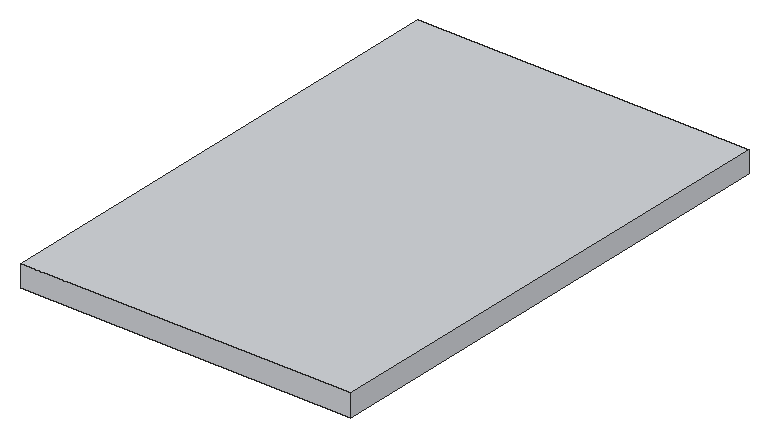
Revit family "CIRQUA-LI 1 Xxxx M", category Oprawy oświetleniowe, Revit 2019
Family settings
  Obiekt nadrzędny = Powierzchnia
  Wymiar okrągłego złącza = Użyj średnicy
  Typ części = Normalny
  Numer OmniClass = 23.80.70.11
  Tytuł OmniClass = Luminaries for Internal Lighting
  Tnij formami wycięć po wczytaniu = Nie
  Źródło światła = Tak
  Współdzielony = Nie
  Punkt obliczania pomieszczeń = Nie
Parameters (values of type "CIRQUA-LI 1X3200-840 M")
  width = 100 mm  # constant formula
  weight = "1 kg"  # constant formula
  voltage type (AC, DC, UC) = "AC"
  rated input power = 26  # constant formula
  product name = "CIRQUA-LI 1X3200-840 M"
  nominal voltage = "230"
  nominal frequency = "50-60Hz"
  length = 231 mm  # constant formula
  ingress protection (IP) code = "IP20"
  height = 160 mm  # constant formula
  electrical safety class = "1"
  control gear = ""
  conformity mark = "CE"  # constant formula
  brand = "RIDI"
  approval mark = ""
  built-in parameter 1150104 = 13.8 (stored number, unit not read)
  Wattage = 21.4754 W
  Emituj ze średnicy okręgu = 76 mm  # constant formula
  Default Elevation = 0 mm
  built-in parameter 1150113 = 1 (stored number, unit not read)
  built-in parameter 1114218 = 1 (stored number, unit not read)
  URL = "www.ridi.de"
  built-in parameter 1150134 = 12
  built-in parameter 1150109 = 1 (stored number, unit not read)
  built-in parameter 1150110 = 1 (stored number, unit not read)
  Apparent Load = 26 VA  # constant formula
  Tilt Angle = 90.00°
  Model = "0321987AH"
  built-in parameter 1114217 = 1 (stored number, unit not read)
  built-in parameter 1150139 = (empty or 0)
  built-in parameter 1150105 = 253.85 (stored number, unit not read)
  built-in parameter 1150114 = 1 (stored number, unit not read)
  Lumens = 3190 lm
  built-in parameter 1150115 = 1 (stored number, unit not read)
  built-in parameter 1150112 = 1 (stored number, unit not read)
  Lampa = "LED"
  Producent = "RIDI Leuchten GmbH"  # constant formula
  Dimming Lamp Color Temperature Shift = (empty or 0)
  Color Filter = 16777215
  built-in parameter 1150133 = 10 (stored number, unit not read)
  Emit Shape Visible in Rendering = no
  built-in parameter 1150137 = (empty or 0)
  built-in parameter 1150132 = 2
  Plik sieci fotometrycznej = "CIRQUA-L 1x3200-840 M.IES"
  Copyright = "© RIDI. All rights reserved."  # constant formula
  built-in parameter 1150106 = 2.5385 (stored number, unit not read)
  Kod zespołu = "D5020200"
  built-in parameter 1150107 = 4000 (stored number, unit not read)
  built-in parameter 1150102 = (empty or 0)
  built-in parameter 1150138 = (empty or 0)
Types (4, lengths in mm): name | product name | Wattage | built-in parameter 1150134 | Model | built-in parameter 1150105 | Lumens | built-in parameter 1150106 | built-in parameter 1150107
  (no name) | "CIRQUA-LI 1X3200-840 M" | 21.4754 W | 12 | "0321987AH" | 253.85 (stored number, unit not read) | 3190 lm | 2.5385 (stored number, unit not read) | 4000 (stored number, unit not read)
  CIRQUA-LI 1X3000-830 M | "CIRQUA-LI 1X3000-830 M" | 20.3983 W | (empty or 0) | "0321991AH" | 241.12 (stored number, unit not read) | 3030 lm | 2.4112 (stored number, unit not read) | 3000 (stored number, unit not read)
  CIRQUA-LI 1X2600-930 M | "CIRQUA-LI 1X2600-930 M" | 17.5035 W | (empty or 0) | "0321995AH" | 206.9 (stored number, unit not read) | 2600 lm | 2.069 (stored number, unit not read) | 3000 (stored number, unit not read)
  CIRQUA-LI 1X3200-840 M | "CIRQUA-LI 1X3200-840 M" | 21.4754 W | 12 | "0321987AH" | 253.85 (stored number, unit not read) | 3190 lm | 2.5385 (stored number, unit not read) | 4000 (stored number, unit not read)
Reference planes
  plane 1 "Mitte (Vorne/hinten)": y = 0
  plane 2: z = 24.176
  plane 3 "Mitte (Links/rechts)": x = 22
  plane 4: z = 0
Forms (mm)
  Extrusion 1, solid
    sketch origin (219.2, 280.8, 0) x (1, 0, 0) y (0, 1, 0)
      loop
        line (-1219.2, 1219.2) -> (-1219.2, -1780.8) -> (780.8, -1780.8) -> (780.8, 1219.2) -> (-1219.2, 1219.2)
    from 24.176 to -107.307
Dimensions and locks
  aligned and locked: plane 2 to Extrusion 1
Connectors
  electrical at (22.05, -6.85, -4.224), driven by "Apparent Load"
    settings: on import instance, index 1, voltage 230 V, apparent load 0 VA, apparent load phase1 26 VA, apparent load phase2 0 VA, apparent load phase3 0 VA, power factor 1, load classification "Lighting", number of poles 1, system type 31, power factor state 1, is connector primary yes, connector utility no, sub classification motor no, connector description ""
